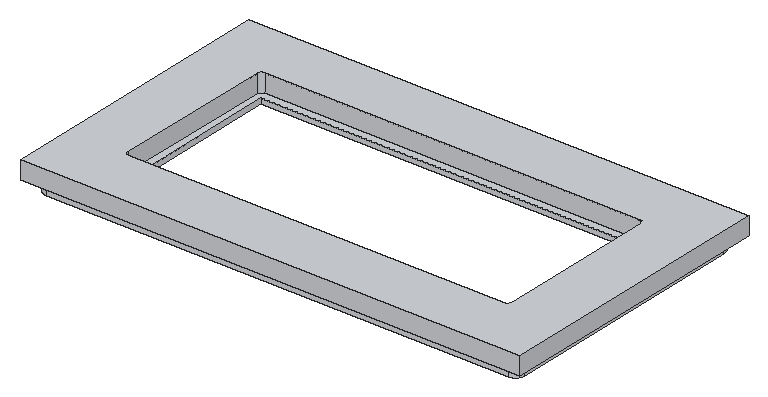
Revit family "Gira_1002126", category Electrical Fixtures, host Face, Revit 2017
Family settings
  Host = Face
  Maintain Annotation Orientation = No
  Round Connector Dimension = Use Diameter
  Part Type = Normal
  Cut with Voids When Loaded = No
  Shared = No
  Room Calculation Point = No
Parameters (values of type "Cov.fr. 2-g w/o cb Gira Esprit alum.black")
  With mounting grid = "No"
  With hinged lid = "No"
  URL = "http://katalog.gira.de/en/datenblatt.html?artikelnr=1002126"
  Type of fastening = "Clamp mounting"
  Transparent = "No"
  Surface protection = "Other"
  Suitable for wall duct = "No"
  Suitable for flush-mounted installation = "Yes"
  Suitable for floor box = "No"
  Suitable for built-in installation = "No"
  Number of units vertical = "2"
  Number of units horizontal = "2"
  Number of units = "2"
  Name = "Cov.fr. 2-g w/o cb Gira Esprit alum.black"
  Mounting direction = "Horizontal and vertical"
  Material quality = "Aluminium"
  Material = "Metal"
  Manufacturer URL = "https://www.gira.de/"
  Manufacturer = "Gira"
  Label space/information surface = "No"
  Keynote = ""
  HeinzeBIM = "https://bimportal.heinze.de/bim/cov-fr-2-g-w-o-cb-gira-esprit-alum-black/5124a021464071fd1549758e6b2aeb4ceefc4b2f"
  Halogen free = "No"
  HAN = "1002126"
  GTIN = "4010337109068"
  Description = "Cov.fr.2g w o cb Espr. AlBk,Gira Esprit cover frame,aluminium black,2-gang without crossbar,Features:,- Anodised aluminium E 1. Colour deviations are possible."
  Degree of protection (IP) = "IP20"
  Default Elevation = 1219.2 mm
  Data sheet (1) = "https://katalog.gira.de/en/download.html?artikelnr=1002126"
  Colour = "Black"
  Category = "Cover frame for domestic switching devices"
  BIM (1) = "https://media.stage.bim.site/public/gira/36a6b08/Espr._Rahmen_2fach o.Mittelsteg.rfa?public/gira/36a6b08/Espr._Rahmen_2fach o.Mittelsteg.rfa"
  Available = "No"
Reference planes
  plane 1 "Center (Front/Back)": y = 0
  plane 2: z = 0
  plane 3 "Center (Left/Right)": x = 0
Forms (mm)
  Extrusion 1, solid, detail levels fine
    sketch origin (0, 0, 0) x (1, 0, 0) y (0, 1, 0)
      loop
        line (-83, 47.5) -> (-83, -47.5) -> (83, -47.5) -> (83, 47.5) -> (-83, 47.5)
      loop
        arc (-63.75, -26.7) -> (-63.311, -27.761) -> (-62.25, -28.2) r 1.5
        line (-62.25, -28.2) -> (62.25, -28.2)
        arc (62.25, -28.2) -> (63.311, -27.761) -> (63.75, -26.7) r 1.5
        line (63.75, -26.7) -> (63.75, 26.7)
        arc (63.75, 26.7) -> (63.311, 27.761) -> (62.25, 28.2) r 1.5
        line (62.25, 28.2) -> (-62.25, 28.2)
        arc (-62.25, 28.2) -> (-63.311, 27.761) -> (-63.75, 26.7) r 1.5
        line (-63.75, 26.7) -> (-63.75, -26.7)
    from 0 to 6
  Extrusion 2, solid, detail levels fine
    sketch origin (0, 0, 0) x (1, 0, 0) y (0, 1, 0)
      loop
        line (-61.518, -25.7) -> (61.45, -25.7) -> (61.45, 25.7) -> (-61.518, 25.7) -> (-61.518, -25.7)
      loop
        arc (-78.55, -41.3) -> (-78.023, -42.573) -> (-76.75, -43.1) r 1.8
        line (-76.75, -43.1) -> (77.95, -43.1)
        arc (77.95, -43.1) -> (79.223, -42.573) -> (79.75, -41.3) r 1.8
        line (79.75, -41.3) -> (79.75, 41.3)
        arc (79.75, 41.3) -> (79.223, 42.573) -> (77.95, 43.1) r 1.8
        line (77.95, 43.1) -> (-76.75, 43.1)
        arc (-76.75, 43.1) -> (-78.023, 42.573) -> (-78.55, 41.3) r 1.8
        line (-78.55, 41.3) -> (-78.55, -41.3)
    from -1.9 to 0
  Extrusion 3, solid, detail levels fine
    sketch origin (0, 0, 0) x (1, 0, 0) y (0, 1, 0)
      loop
        arc (-76.75, 44.4) -> (-78.871, 43.521) -> (-79.75, 41.4) r 3
        line (-79.75, 41.4) -> (-79.75, -41.4)
        arc (-79.75, -41.4) -> (-78.871, -43.521) -> (-76.75, -44.4) r 3
        line (-76.75, -44.4) -> (76.75, -44.4)
        arc (76.75, -44.4) -> (78.871, -43.521) -> (79.75, -41.4) r 3
        line (79.75, -41.4) -> (79.75, 41.4)
        arc (79.75, 41.4) -> (78.871, 43.521) -> (76.75, 44.4) r 3
        line (76.75, 44.4) -> (-76.75, 44.4)
      loop
        arc (-78.55, -41.4) -> (-78.023, -42.673) -> (-76.75, -43.2) r 1.8
        line (-76.75, -43.2) -> (76.75, -43.2)
        arc (76.75, -43.2) -> (78.023, -42.673) -> (78.55, -41.4) r 1.8
        line (78.55, -41.4) -> (78.55, 41.4)
        arc (78.55, 41.4) -> (78.023, 42.673) -> (76.75, 43.2) r 1.8
        line (76.75, 43.2) -> (-76.75, 43.2)
        arc (-76.75, 43.2) -> (-78.023, 42.673) -> (-78.55, 41.4) r 1.8
        line (-78.55, 41.4) -> (-78.55, -41.4)
    from -3.7 to 0
  Extrusion 4, solid, detail levels medium
    sketch origin (0, 0, 0) x (1, 0, 0) y (0, 1, 0)
      loop
        line (-83, 47.5) -> (-83, -47.5) -> (83, -47.5) -> (83, 47.5) -> (-83, 47.5)
    from 0 to 6
  Extrusion 5, solid, detail levels medium
    sketch origin (0, 0, 0) x (1, 0, 0) y (0, 1, 0)
      loop
        line (-79.75, 44.4) -> (-79.75, -44.4) -> (79.75, -44.4) -> (79.75, 44.4) -> (-79.75, 44.4)
    from -3.7 to 0
  Extrusion 6, solid, detail levels coarse
    sketch origin (0, 0, 0) x (1, 0, 0) y (0, 1, 0)
      loop
        line (-83, 47.5) -> (-83, -47.5) -> (83, -47.5) -> (83, 47.5) -> (-83, 47.5)
    from -3.7 to 6
Dimensions and locks
  aligned and locked: plane 2 to host face
  aligned and locked: level to host face
